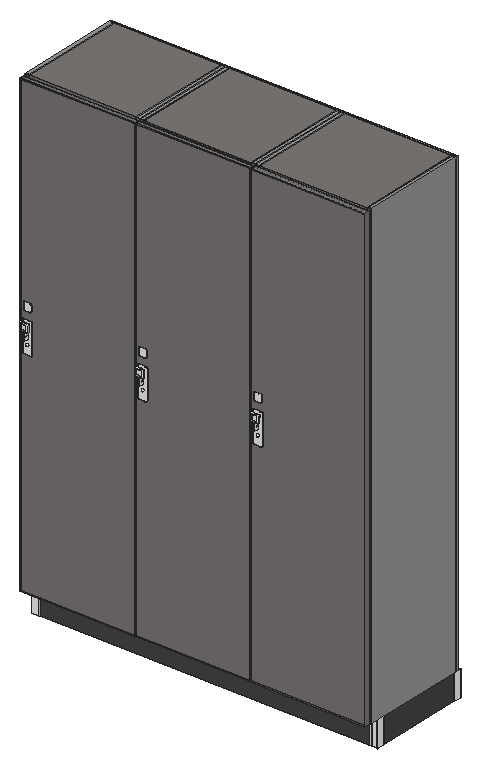
Revit family "Wood_Lockers_Hasps-Salsbury_Industries-18_41000_Series-3_Wide_Units.rfa", category Specialty Equipment, Revit 2016 (continued)
Definition of nested family "Wood Locker Sloping Corner Fillers"
  Forms (in)
    Extrusion 8, void
      sketch origin (13.75, 0, 0) x (0, -1, 0) y (0, 0, 1)
        loop
          line (-12.125, 0) -> (9.66023, 0) -> (-12.125, 8.36937) -> (-12.125, 0)
      from 0 to 25.875
  Cuts and joins
    Extrusion 3, Extrusion 8 cuts Extrusion 1
    Extrusion 3 cuts Extrusion 2
    Extrusion 8 cuts Extrusion 5
    Extrusion 8 cuts Extrusion 6
  Dimensions and locks (in)
    locked: plane 4 "Front of Hood" to plane 7 "Black Trim Line" at 0.031
    locked: plane 8 to plane 6 "Bottom of Hood" at 0.062
    locked: plane 9 to plane 6 "Bottom of Hood" at 0.75
    "Height": plane 14 "Top" to plane 6 "Bottom of Hood"
    "Width": plane 12 "New Left Side" to plane 13 "New Right Side"
    "Depth": plane 11 "New Front of Hood" to plane 10 "New Back of Hood"
    equal spacing: plane 12 "New Left Side", plane 3 "Center (Left/Right)", plane 13 "New Right Side"
    equal spacing: plane 11 "New Front of Hood", plane 1 "Center (Front/Back)", plane 10 "New Back of Hood"
    locked: plane 5 "Right Side of Hood" to plane 13 "New Right Side" at 2.25
    locked: plane 11 "New Front of Hood" to plane 4 "Front of Hood" at 2.25
    locked: plane 15 to plane 5 "Right Side of Hood" at 0.031
    aligned and locked: level to plane 2
    aligned and locked: plane 12 "New Left Side" to Extrusion 3
    aligned and locked: Extrusion 2 to plane 13 "New Right Side"
    aligned and locked: plane 12 "New Left Side" to cut or joined group of Extrusion 2, Extrusion 3
    aligned and locked: cut or joined group of Extrusion 2, Extrusion 3 to plane 10 "New Back of Hood"
    aligned and locked: plane 12 "New Left Side" to cut or joined group of Extrusion 1, Extrusion 3, Extrusion 8
    aligned and locked: cut or joined group of Extrusion 1, Extrusion 3, Extrusion 8 to plane 13 "New Right Side"
    aligned and locked: cut or joined group of Extrusion 1, Extrusion 3, Extrusion 8 to plane 10 "New Back of Hood"  (x2)
    aligned and locked: plane 4 "Front of Hood" to cut or joined group of Extrusion 2, Extrusion 3
    aligned and locked: Extrusion 3 to cut or joined group of Extrusion 2, Extrusion 3
    aligned and locked: plane 13 "New Right Side" to cut or joined group of Extrusion 1, Extrusion 3, Extrusion 8
    aligned and locked: plane 5 "Right Side of Hood" to Extrusion 4
    aligned and locked: Extrusion 8 to Extrusion 1  (x2)
    aligned and locked: Extrusion 1 to Extrusion 8
    aligned and locked: cut or joined group of Extrusion 1, Extrusion 3, Extrusion 8 to Extrusion 6
    aligned and locked: plane 11 "New Front of Hood" to Extrusion 6
    aligned and locked: plane 12 "New Left Side" to Extrusion 6
    aligned and locked: plane 11 "New Front of Hood" to Extrusion 5
    aligned and locked: plane 12 "New Left Side" to Extrusion 5
    aligned and locked: cut or joined group of Extrusion 1, Extrusion 3, Extrusion 8 to Extrusion 5
  Automatic sketch dimensions
    Extrusion 1 sketch curve to level = 0.000"
    Extrusion 1 sketch curve to plane 7 "Black Trim Line" = 0.000"
    plane 8 to Extrusion 1 sketch curve = 0.000"
    Extrusion 1 sketch curve to plane 10 "New Back of Hood" = 0.000"
    Extrusion 1 sketch curve to Extrusion 1 sketch curve = 0.04881"
    Extrusion 1 sketch curve to Extrusion 1 sketch curve = 1.75996"
    plane 14 "Top" to Extrusion 1 sketch curve = 0.74863"
    plane 14 "Top" to Extrusion 1 sketch curve = 0.031"
    Extrusion 2 sketch curve to plane 4 "Front of Hood" = 0.000"
    plane 8 to Extrusion 2 sketch curve = 0.000"
    Extrusion 2 sketch curve to plane 10 "New Back of Hood" = 0.000"
    plane 14 "Top" to Extrusion 2 sketch curve = 0.000"
    Extrusion 2 sketch curve to plane 7 "Black Trim Line" = 0.04881"
    plane 14 "Top" to Extrusion 2 sketch curve = 0.031"
    plane 10 "New Back of Hood" to Extrusion 3 sketch curve = 0.000"
    plane 4 "Front of Hood" to Extrusion 3 sketch curve = 0.000"
    Extrusion 3 sketch curve to plane 12 "New Left Side" = 0.000"
    Extrusion 3 sketch curve to plane 5 "Right Side of Hood" = 0.000"
    Extrusion 4 sketch curve to level = 0.000"
    Extrusion 4 sketch curve to plane 7 "Black Trim Line" = 0.000"
    Extrusion 4 sketch curve to plane 4 "Front of Hood" = 0.000"
    plane 8 to Extrusion 4 sketch curve = 0.000"
    Extrusion 5 sketch curve to level = 0.000"
    Extrusion 5 sketch curve to plane 8 = 0.000"
    plane 14 "Top" to Extrusion 5 sketch curve = 0.031"
    Extrusion 5 sketch curve to plane 12 "New Left Side" = 0.000"
    plane 5 "Right Side of Hood" to Extrusion 5 sketch curve = 1.83977"
    plane 5 "Right Side of Hood" to Extrusion 5 sketch curve = 0.07981"
    Extrusion 5 sketch curve to Extrusion 5 sketch curve = 0.04881"
    Extrusion 5 sketch curve to Extrusion 5 sketch curve = 0.71763"
    plane 14 "Top" to Extrusion 6 sketch curve = 0.000"
    Extrusion 6 sketch curve to plane 8 = 0.000"
    Extrusion 6 sketch curve to plane 12 "New Left Side" = 0.000"
    plane 5 "Right Side of Hood" to Extrusion 6 sketch curve = 0.07981"
    Extrusion 6 sketch curve to Extrusion 6 sketch curve = 0.07981"
    plane 14 "Top" to Extrusion 6 sketch curve = 0.031"
    Extrusion 7 sketch curve to level = 0.000"
    plane 15 to Extrusion 7 sketch curve = 0.000"
    plane 5 "Right Side of Hood" to Extrusion 7 sketch curve = 0.000"
    Extrusion 7 sketch curve to plane 8 = 0.000"
    Extrusion 8 sketch curve to plane 10 "New Back of Hood" = 0.000"
    Extrusion 8 sketch curve to level = 0.000"
    Extrusion 8 sketch curve to plane 7 "Black Trim Line" = 1.80877"
    plane 14 "Top" to Extrusion 8 sketch curve = 0.74863"
Definition of nested family "Wood Locker Sloping In-Line Fillers"
  Parameters (values of type "44489 - 15" W for 24" D Lockers")
    Width = 15.000"
    Visible = yes
    Version = "1.0 (12/15/23)"
    Type Comments = "Sloping Hood In-Line Filler for Premier Wood Lockers"
    Model = "44489"
    Manufacturer = "Salsbury Industries"
    Laminate Surface = none
    Height = 9.118"
    Description = "For 24\" D Lockers"
    Depth = 23.625"
  Types (10): name | Width | Visible | Version | Type Comments | Model | Manufacturer | Height | Description | Depth
    (no name) | 15.000" | yes | "1.0 (12/15/23)" | "Sloping Hood In-Line Filler for Premier Wood Lockers" | "44489" | "Salsbury Industries" | 9.118" | "For 24\" D Lockers" | 23.625"
    44487 - 15" W for 15" D Lockers | 15.000" | yes | "1.0 (12/15/23)" | "Sloping Hood In-Line Filler for Premier Wood Lockers" | "44487" | "Salsbury Industries" | 5.743" | "For 15\" D Lockers" | 14.625"
    44488 - 15" W for 18" D Lockers | 15.000" | yes | "1.0 (12/15/23)" | "Sloping Hood In-Line Filler for Premier Wood Lockers" | "44488" | "Salsbury Industries" | 6.868" | "For 18\" D Lockers" | 17.625"
    44481 - 15" W for 21" D Lockers | 15.000" | yes | "1.0 (12/15/23)" | "Sloping Hood In-Line Filler for Premier Wood Lockers" | "44481" | "Salsbury Industries" | 7.993" | "For 21\" D Lockers" | 20.625"
    None | 12.000" | no | "" | "" | "" | "" | 5.500" | "" | 14.000"
    44489 - 15" W for 24" D Lockers | 15.000" | yes | "1.0 (12/15/23)" | "Sloping Hood In-Line Filler for Premier Wood Lockers" | "44489" | "Salsbury Industries" | 9.118" | "For 24\" D Lockers" | 23.625"
    44488 - 9" W for 18" D Lockers | 9.000" | yes | "1.0 (12/15/23)" | "Sloping Hood In-Line Filler for Premier Wood Lockers" | "44488" | "Salsbury Industries" | 6.868" | "For 18\" D Lockers" | 17.625"
    44487 - 9" W for 15" D Lockers | 9.000" | yes | "1.0 (12/15/23)" | "Sloping Hood In-Line Filler for Premier Wood Lockers" | "44487" | "Salsbury Industries" | 5.743" | "For 15\" D Lockers" | 14.625"
    44481 - 9" W for 21" D Lockers | 9.000" | yes | "1.0 (12/15/23)" | "Sloping Hood In-Line Filler for Premier Wood Lockers" | "44481" | "Salsbury Industries" | 7.993" | "For 21\" D Lockers" | 20.625"
    44489 - 9" W for 24" D Lockers | 9.000" | yes | "1.0 (12/15/23)" | "Sloping Hood In-Line Filler for Premier Wood Lockers" | "44489" | "Salsbury Industries" | 9.118" | "For 24\" D Lockers" | 23.625"
  Reference planes (in)
    plane 1 "Center (Front/Back)": y = 0
    plane 2: z = 0
    plane 3 "Center (Left/Right)": x = 0
    plane 4 "Front of Hood": y = -11.8125
    plane 5 "Back of Hood": y = 11.8125
    plane 6 "Right Side of Hood": x = 7.5
    plane 7 "Left Side of Hood": x = -7.5
    plane 8 "Bottom of Hood": z = 0
    plane 9 "Top of Hood": z = 9.118
    plane 10: x = 6.75
    plane 11: x = -6.75
    plane 12: y = -11.7815
    plane 13: y = -11.0625
    plane 14: z = 9.087
    plane 15: z = 8.368
    plane 16: z = 0.062
    plane 17: z = 0.75
  Forms (in)
    Extrusion 1, solid, visible <- "Visible"
      sketch origin (0, 0, 0) x (0, 1, 0) y (0, 0, 1)
        loop
          line (-9.97273, 0) -> (11.8125, 8.368) -> (11.8125, 9.087) -> (-11.73269, 0.062) -> (-11.7815, 0.062) -> (-11.7815, 0) -> (-9.97273, 0)
      from -7.5 to 7.5
    Extrusion 2, solid, material <- "Laminate Surface", visible <- "Visible"
      sketch origin (0, 0, 0) x (0, 1, 0) y (0, 0, 1)
        loop
          line (-11.8125, 0.062) -> (-11.8125, 0) -> (-11.7815, 0) -> (-11.7815, 0.062) -> (-11.8125, 0.062)
      from -7.5 to 7.5
    Extrusion 3, solid, material <- "Laminate Surface", visible <- "Visible"
      sketch origin (0, 0, 0) x (0, 1, 0) y (0, 0, 1)
        loop
          line (11.8125, 9.118) -> (-11.8125, 0.062) -> (-11.73269, 0.062) -> (11.8125, 9.087) -> (11.8125, 9.118)
      from -7.5 to 7.5
  Dimensions and locks (in)
    equal spacing: plane 7 "Left Side of Hood", plane 3 "Center (Left/Right)", plane 6 "Right Side of Hood"
    "Width": plane 7 "Left Side of Hood" to plane 6 "Right Side of Hood"
    equal spacing: plane 4 "Front of Hood", plane 1 "Center (Front/Back)", plane 5 "Back of Hood"
    "Depth": plane 4 "Front of Hood" to plane 5 "Back of Hood"
    "Height": plane 9 "Top of Hood" to plane 8 "Bottom of Hood"
    plane 7 "Left Side of Hood" to plane 11 = 0.750"
    plane 10 to plane 6 "Right Side of Hood" = 0.750"
    plane 4 "Front of Hood" to plane 12 to plane 13 = 0.031" locked, 0.719" locked
    plane 15 to plane 14 to plane 9 "Top of Hood" = 0.719" locked, 0.031" locked
    locked: plane 16 to plane 8 "Bottom of Hood" at 0.062
    locked: plane 17 to plane 8 "Bottom of Hood" at 0.75
    aligned and locked: level to plane 2
    aligned and locked: Extrusion 1 to plane 6 "Right Side of Hood"
    aligned and locked: plane 7 "Left Side of Hood" to Extrusion 1
    aligned and locked: plane 7 "Left Side of Hood" to Extrusion 3
    aligned and locked: Extrusion 3 to plane 6 "Right Side of Hood"
    aligned and locked: Extrusion 2 to plane 6 "Right Side of Hood"
    aligned and locked: plane 7 "Left Side of Hood" to Extrusion 2
  Automatic sketch dimensions
    Extrusion 2 sketch curve to level = 0.000"
    Extrusion 2 sketch curve to plane 4 "Front of Hood" = 0.000"
    Extrusion 2 sketch curve to plane 12 = 0.000"
    plane 16 to Extrusion 2 sketch curve = 0.000"
    Extrusion 3 sketch curve to plane 4 "Front of Hood" = 0.000"
    plane 16 to Extrusion 3 sketch curve = 0.000"
    Extrusion 3 sketch curve to plane 5 "Back of Hood" = 0.000"
    plane 14 to Extrusion 3 sketch curve = 0.000"
    plane 9 "Top of Hood" to Extrusion 3 sketch curve = 0.000"
    Extrusion 3 sketch curve to plane 12 = 0.04881"
    Extrusion 1 sketch curve to level = 0.000"
    Extrusion 1 sketch curve to plane 12 = 0.000"
    plane 16 to Extrusion 1 sketch curve = 0.000"
    Extrusion 1 sketch curve to plane 5 "Back of Hood" = 0.000"
    plane 15 to Extrusion 1 sketch curve = 0.000"
    plane 14 to Extrusion 1 sketch curve = 0.000"
    Extrusion 1 sketch curve to plane 13 = 1.08977"
    Extrusion 1 sketch curve to plane 12 = 0.04881"
Types (7): name | Unit Height including Sloping Hood Only | Unit Height including Base Only | Sloping Hood Height | Overall Unit Height including Base and Sloping Hood | Model | Description | Depth | Compartment Depth | Base Height | Base Depth | Base
  (no name) | 78.868" | 76.000" | 6.868" | 82.868" | "18-41368" | "3 Wide - 6 Feet High - 18 inches Deep - with Base" | 18.000" | 16.750" | 4.000" | 16.250" | Wood Locker Bases : Base - 54" W x 18" D Lockers
  18-41364 | 81.118" | 76.000" | 9.118" | 85.118" | "18-41364" | "3 Wide - 6 Feet High - 24 inches Deep - with Base" | 24.000" | 22.750" | 4.000" | 22.250" | Wood Locker Bases : Base - 54" W x 24" D Lockers
  18-41364 - Without Base | 81.118" | 72.000" | 9.118" | 81.118" | "18-41364 - without Base" | "3 Wide - 6 Feet High - 24 inches Deep - with Base" | 24.000" | 22.750" | 0.000" | 22.250" | Wood Locker Bases : None
  18-41368 | 78.868" | 76.000" | 6.868" | 82.868" | "18-41368" | "3 Wide - 6 Feet High - 18 inches Deep - with Base" | 18.000" | 16.750" | 4.000" | 16.250" | Wood Locker Bases : Base - 54" W x 18" D Lockers
  18-41368 - Without Base | 78.868" | 72.000" | 6.868" | 78.868" | "18-41368 - without Base" | "3 Wide - 6 Feet High - 18 inches Deep - with Base" | 18.000" | 16.750" | 0.000" | 16.250" | Wood Locker Bases : None
  18-41361 | 79.993" | 76.000" | 7.993" | 83.993" | "18-41361" | "3 Wide - 6 Feet High - 21 inches Deep - with Base" | 21.000" | 19.750" | 4.000" | 19.250" | Wood Locker Bases : Base - 54" W x 21" D Lockers
  18-41361 - Without Base | 79.993" | 72.000" | 7.993" | 79.993" | "18-41361 - without Base" | "3 Wide - 6 Feet High - 21 inches Deep - with Base" | 21.000" | 19.750" | 0.000" | 19.250" | Wood Locker Bases : None
